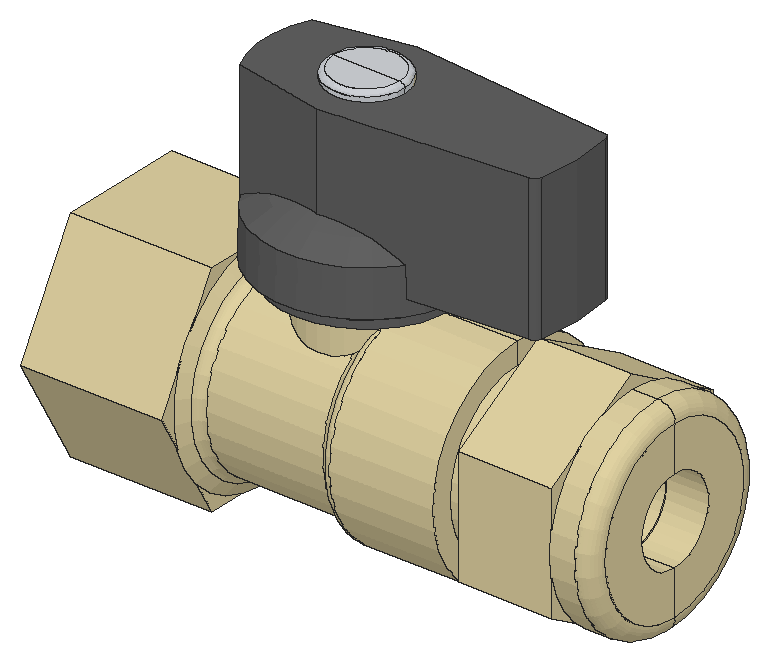
Revit family "QL25500000", category Apparecchi idraulici, Revit 2020
Family settings
  Quota connettore circolare = Usa diametro
  Tipo di parte = Normale
  Numero OmniClass = 23.45.00.00
  Titolo OmniClass = Sanitary, Laundry, and Cleaning Equipment
  Basato su piano di lavoro = No
  Sempre verticale = Sì
  Taglio con vuoti quando caricato = No
  Condiviso = No
  Punto di calcolo locali = No
Parameters
  URL = "https://web.cimberio.com/index.php/figura/955?subcategoria_id=79"
  Temperatura di esercizio = "-20 ÷ 90°C"
  Prospetto di default = 0 mm
  Produttore = "CIMBERIO SPA"
  Pressione nominale = "PN 16"
  Modello = "Cim 271"
  Materiale = "Prodotto in lega di ottone conforme alla norma EN 12165-CW617N-DW"
  Descrizione = "Realizzato in ottemperanza ai requisiti gestionali della norma EN ISO 9001.\r\nUtilizzato per la regolazione della temperatura degli ambienti e comandare apparecchi degli impianti di riscaldamento e condizionamento."
  DN Model [instance] = QL25503110 : QL25503110
  DN [instance] = 10 mm
  Commenti sul tipo = "Utilizzato nei più svariati settori dell'impiantistica: impianti di riscaldamento, condizionamento, idrici, igienico-sanitari, aria compressa e in generale con ogni fluido non corrosivo"
Reference planes
  plane 1 "Centro (Fronte/Retro)": y = 0
  plane 2: z = 0
  plane 3 "Centro (Sinistra/Destra)": x = 0
Dimensions and locks
  aligned and locked: level to plane 2
Nested families
  nested 1: "QL25503110" at (0, 0, 0), type <- "DN Model", type "QL25503110"
    with DN Model none, DN 15 mm
  nested 2: "QL25503110" at (0, 0, 0), type <- "DN Model", type "QL25503110"
Connectors
  piping at (31.368, 0, 0), diameter 10, driven by "DN"
    settings: on nested 1, index 1, connector inside diameter 609.6 mm, connector length 0 mm, flow factor 0, pipe flow 0.0 L/s, pressure drop 0.0 Pa, fitting loss kfactor 0, connector angle 0.00°, fixture units 0, engagement length 0 mm, angle of deflection 0.00°, flow configuration 0, flow direction 0, fitting loss method 0, system type 7, joint type 0, gender type 0, connector reference index -1, connector utility 0, adjustable connector no, is connector primary yes, connector description ""
  piping at (-29, 0, 0), diameter 10, driven by "DN"
    settings: on nested 1, index 2, connector inside diameter 609.6 mm, connector length 0 mm, flow factor 0, pipe flow 0.0 L/s, pressure drop 0.0 Pa, fitting loss kfactor 0, connector angle 0.00°, fixture units 0, engagement length 0 mm, angle of deflection 0.00°, flow configuration 0, flow direction 0, fitting loss method 0, system type 7, joint type 0, gender type 0, connector reference index -1, connector utility 0, adjustable connector no, is connector primary no, connector description ""
Definition of nested family "QL25503110"
  Parameters (values of type "QL25503110")
    URL = "https://web.cimberio.com/index.php/figura/1418?subcategoria_id="
    Temperatura di esercizio = "-10 ÷ 110°C"
    Default Elevation = 0 mm
    Manufacturer = "CIMBERIO SPA"
    Pressione nominale = "PN 10"
    Model = "Cim 150VIC"
    Materiale = "Prodotto in lega di ottone conforme alla norma EN 12165-CW617N-DW"
    Description = "Utilizzato nei più svariati settori dell'impiantistica: impianti di riscaldamento, condizionamento, idrici, igienico-sanitari e in generale con ogni fluido non corrosivo"
    DN Model [instance] = HG00081015 : HG00081015
    DN [instance] = 15 mm
    Type Comments = "Realizzato in ottemperanza ai requisiti gestionali della norma EN ISO 9001.\r\nCollaudato al 100% secondo la normativa EN 12266-1"
  Reference planes
    plane 1 "Centro (Fronte/Retro)": y = 0
    plane 2: z = 0
    plane 3 "Centro (Sinistra/Destra)": x = 0
  Forms (mm)
    Revolve 1, solid
      sketch origin (1.72, 0, -14.009) x (1, 0, 0) y (0, 0, 1)
        loop
          line (-13.65, 29.159) -> (-12.068, 28.245) -> (-12.068, 27.3) -> (-1.75, 27.3) -> (-1.75, 38.235)
          arc (-1.75, 38.235) -> (-7.968, 37.443) -> (-13.555, 34.603) r 18.326
          line (-13.555, 34.603) -> (-13.65, 29.159)
        axis (-1.75, 27.3) -> (-1.75, 38.235)
      angle from 0 to 360
    Revolve 2, solid
      sketch origin (1.75, 0, -13.99) x (1, 0, 0) y (0, 0, 1)
        loop
          line (-6.25, 48.586) -> (-6.25, 47.06) -> (-1.75, 47.06) -> (-1.75, 49.1) -> (-5.644, 49.1)
          arc (-5.644, 49.1) -> (-6.041, 48.954) -> (-6.25, 48.586) r 0.614
        axis (-1.75, 49.1) -> (-1.75, 47.06)
      angle from 0 to 360
    Extrusion 3, solid
      sketch origin (1.564, 0, -13.989) x (1, 0, 0) y (0, 1, 0)
        loop
          line (-1.55, -7.358) -> (21.897, -5.374)
          arc (21.897, -5.374) -> (22.482, -5.121) -> (22.795, -4.565) r 1
          arc (22.795, -4.565) -> (23.239, 0.126) -> (22.795, 4.817) r 25
          arc (22.795, 4.817) -> (22.645, 5.184) -> (22.364, 5.464) r 1
          line (22.364, 5.464) -> (-1.549, 7.359) -> (-12.286, 5.325)
          arc (-12.286, 5.325) -> (-13.555, -0.054) -> (-12.237, -5.422) r 11.805
          line (-12.237, -5.422) -> (-1.55, -7.358)
      from 31.045 to 48.089
    Revolve 4, solid
      sketch origin (0, 0, 0) x (1, 0, 0) y (0, 0, 1)
        loop
          line (20.368, -5) -> (-12.299, -5) -> (-12.299, -13.25) -> (-11.433, -11.75)
          arc (-11.433, -11.75) -> (-10.884, -11.201) -> (-10.134, -11) r 1.5
          line (-10.134, -11) -> (3.557, -11)
          arc (3.557, -11) -> (4.218, -11.403) -> (4.711, -12) r 2.333
          arc (4.711, -12) -> (5.077, -12.366) -> (5.577, -12.5) r 1
          line (5.577, -12.5) -> (17.8, -12.5) -> (17.8, -9.968) -> (20.368, -9.968) -> (20.368, -5)
        axis (-12.299, 0) -> (20.368, 0)
      angle from 0 to 360
    Extrusion 5, solid
      sketch origin (0, 0, 0) x (0, 1, 0) y (0, 0, 1)
        loop
          circle (0, 0) r 5
        loop
          line (-14.9, 0) -> (-7.45, -12.904) -> (7.45, -12.904) -> (14.9, 0) -> (7.45, 12.904) -> (-7.45, 12.904) -> (-14.9, 0)
      from -29 to -12.299
    Extrusion 6, solid
      sketch origin (0, 0, 0) x (0, 1, 0) y (0, 0, -1)
        loop
          circle (0, 0) r 5
        loop
          line (0, -13.75) -> (11.908, -6.875) -> (11.908, 6.875) -> (0, 13.75) -> (-11.908, 6.875) -> (-11.908, -6.875) -> (0, -13.75)
      from -31.368 to -20.368
    Revolve 7, solid
      sketch origin (0, 0, 0) x (1, 0, 0) y (0, 0, 1)
        loop
          line (31.368, 5) -> (36.368, 5) -> (36.368, 10.25)
          arc (36.368, 10.25) -> (35.782, 11.664) -> (34.368, 12.25) r 2
          line (34.368, 12.25) -> (31.368, 12.25) -> (31.368, 5)
        axis (36.368, 0) -> (31.368, 0)
      angle from 0 to 360
    Revolve 8, solid
      sketch origin (0, 0, 0) x (1, 0, 0) y (0, 0, 1)
        loop
          line (-7.25, 15.629) -> (-7.25, 8.309) -> (-5, 8.309) -> (-5, 15.629) -> (-7.25, 15.629)
        axis (0, 15.629) -> (0, 8.309)
      angle from 0 to 360
  Dimensions and locks
    aligned and locked: level to plane 2
